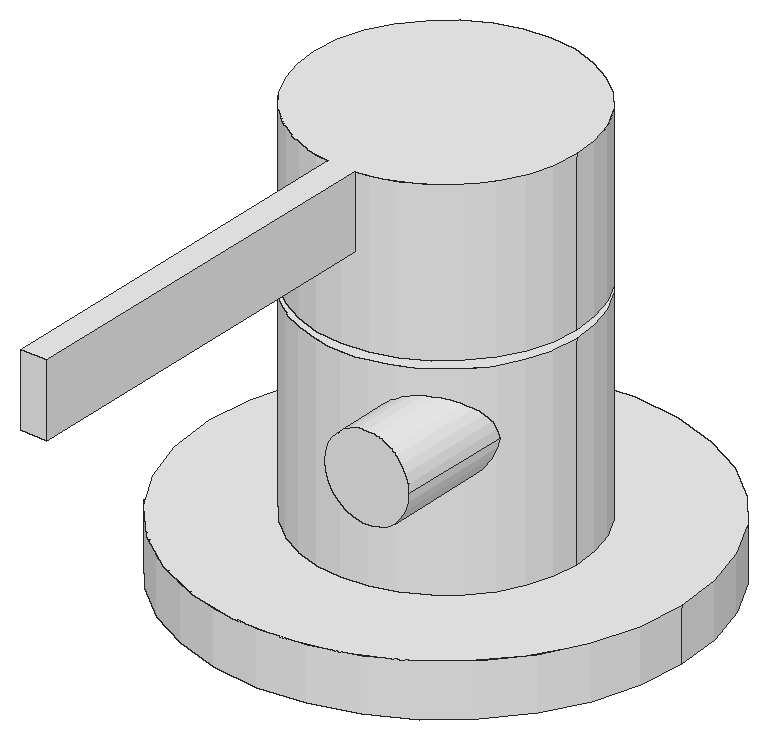
Revit family "KEUCO_59552019521", category Allgemeines Modell, Revit 2016
Family settings
  Teiletyp = Normal
  Kann Basisbauteil für Bewehrung sein = Nein
  Bemaßung runder Anschluss = Durchmesser verwenden
  Arbeitsebenenbasiert = Ja
  Immer vertikal = Nein
  Beim Laden mit Abzugskörper schneiden = Nein
  Gemeinsam genutzt = Nein
  Raumberechnungspunkt = Nein
Parameters
  Verwendung = "DU / WA"  # constant formula
  Preisgruppe = ""
  Kategorie = ""
  Gewicht = 0
  Breite = 45 mm
  URL = "https://www.keuco.com"
  Materialien bei Hersteller anfragen = "Anfrage zu:  objektmanagement@keuco.de"
  Description = "--"
  Default Elevation = 1219.2 mm
  Serie = "Plan"  # constant formula
  Material = Stahl, verchromt
  Hersteller = "KEUCO"  # constant formula
  Assembly Code = ""
  Ausschreibungstext = ""
  Artikelnummer = "59552019521"
Types (2, lengths in mm): name | URL | Materialien bei Hersteller anfragen | Description | Ausschreibungstext
  (no name) | "https://www.keuco.com" | "Anfrage zu:  objektmanagement@keuco.de" | "--" | ""
  59552019521 | "https://www.keuco.com/de/produkte/sortiment/artikel/?pid=59552&oid=1&pgo=19&country=de&lang=de&vid=59552019521" | "Request to:  objektmanagement@keuco.de" | "bestehend aus:\r\nEinhebelmischer mit Schlauchanschluss, Rosette rund\r\n(59552 019501) und UP Funktionseinheit (59552 000170)\r\ngeräuschgeprüft nach DIN 4109, Geräuschklasse 1,\r\nDurchflussklasse A" | "KEUCO Set IXMO - SOLO  59552019521,\r\nEinhebelmischer mit integriertem Schlauchanschluss UP DN15\r\nHochglanzverchromter Einhebelmischer mit Schlauchanschluss für die Dusche \r\naus entzinkungsarmen Messing, mit runder Rosette, frei positionierbar,\r\nIntegrierter Einbautiefenausgleich von 65-95mm, Gehäuse schallentkoppelt,\r\nHochwertige Mischwasserkartusche mit keramischen Dichtscheiben und Temperaturbegrenzung,\r\nFertigset bestehend aus:\r\nHebel, Hülse, Rosette (rund) und Funktionseinheit,\r\nGesamthöhe mit Griff 130 mm, Rosettendurchmesser 90 mm,\r\nStärke 10 mm, Gesamtausladung 89 mm\r\n\r\nInklusive KEUCO IXMO - SOLO UP Funktionseinheit  \r\nUP Funktionseinheit für Einhebelmischer mit integriertem Schlauchanschluss, DN15, \r\nSchallentkoppelter Grundkörper für den Wandeinbau, frei positionierbar,  \r\nEinbautiefe 65 mm – 95 mm, \r\nGrundplatte für 4 Befestigungsschrauben (bauseits), \r\nAnschlüsse G 1/2 Zoll mit farblicher Kennzeichnung"
Reference planes
  plane 1 "Center (Front/Back)": y = 0
  plane 2: z = 0
  plane 3 "Center (Left/Right)": x = 0
  plane 4: z = 80
Forms (mm)
  Extrusion 1, solid, material "Stahl, verchromt" <- "Material"
    sketch origin (0, 16.5, 20) x (0, 1, 0) y (-1, 0, 0)
      loop
        circle (-16.5, 0) r 45
    from -20 to -10
  Extrusion 2, solid, material "Stahl, verchromt" <- "Material"
    sketch origin (0, 16.5, 20) x (0, 1, 0) y (-1, 0, 0)
      loop
        circle (-16.5, 0) r 25
    from -10 to 28.524
  Extrusion 3, solid, material "Stahl, verchromt" <- "Material"
    sketch origin (0, 16.5, 60) x (1, 0, 0) y (0, 1, 0)
      loop
        circle (0, -16.5) r 25
    from -10 to 20
  Extrusion 4, solid, material "Stahl, verchromt" <- "Material"
    sketch origin (0, 16.5, 20) x (0, 1, 0) y (-1, 0, 0)
      loop
        line (-39.628, 2.5) -> (-114.628, 2.5) -> (-114.628, -2.5) -> (-39.628, -2.5) -> (-39.628, 2.5)
    from 46.32 to 60
  Extrusion 5, solid, material "Stahl, verchromt" <- "Material"
    sketch origin (0.067, 0.434, 0) x (1, 0, 0) y (0, 0, 1)
      loop
        circle (12.956, 36) r 8.015
    from 13.274 to 35.444
Cuts and joins
  joined: Extrusion 3, Extrusion 4
  joined: Extrusion 2, Extrusion 5
Dimensions and locks
  plane 4 to plane 2 = 80 mm
  Extrusion 3 to Extrusion 3 = 30 mm
  aligned and locked: level to plane 2
